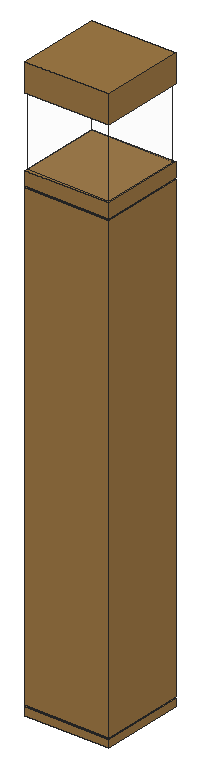
Revit family "SGB-S-LSCS", category Lighting Fixtures, host Face, Revit 2021
Family settings
  Host = Face
  Round Connector Dimension = Use Diameter
  Part Type = Normal
  OmniClass Number = 23.80.70.11.14.17
  OmniClass Title = Direct/Indirect
  Cut with Voids When Loaded = No
  Light Source = Yes
  Shared = Yes
  Room Calculation Point = No
Parameters (values of type "SGB-S-LSCS")
  Wattage = 22.3 W
  Warranty = "5 year limited"  # constant formula
  built-in parameter 1150110 = 1 (stored number, unit not read)
  Voltage Comments = "Universal Voltage 120V-277V"
  Voltage = 120 V
  Version = "2021 V 1.2"  # constant formula
  Type Comments = "Bollard Light Fixture"
  built-in parameter 1114217 = 1 (stored number, unit not read)
  Tilt Angle = 90.00°
  built-in parameter 1150109 = 1 (stored number, unit not read)
  built-in parameter 1150134 = 2
  built-in parameter 1150113 = 1 (stored number, unit not read)
  Product Page URL = "https://www.currentlighting.com/sgb-sling-round-and-square-bollards/308736"
  Product Documentation Link = "https://cdn.currentlighting.com/site/specsheet/EXO_Sling_Bollard_Spec_Sheet.pdf"
  Power Factor = 1
  Photometry Note = "Please load ies file listed under Photometric Web File for accurate rendering."  # constant formula
  Photometric Web Link = "https://www.currentlighting.com/sgb-sling-round-and-square-bollards/308736"
  Photometric Web File = "SGB-S-LSCS-22W-5K8.ies"
  Wattage Comments = "12.1 - 22.3 W"
  URL = "www.currentlighting.com"
  No of Poles = "1"
  Mounting = "Please Refer to the Product Spec Sheet for Mounting Options"  # constant formula
  Model = "Sling Bollard SGB-S-LSCS"
  Manufacturer Contact-us = "https://www.currentlighting.com/contact-us"
  Manufacturer Address = "701 Millenium Blvd,Greenville, SC"  # constant formula
  Manufacturer = "Current Lighting"  # constant formula
  built-in parameter 1150105 = 172.13 (stored number, unit not read)
  Lumens = 2163.1 lm
  built-in parameter 1150115 = 1 (stored number, unit not read)
  Load Classification = Lighting
  built-in parameter 1150137 = (empty or 0)
  built-in parameter 1150139 = (empty or 0)
  Lens Material Finish = White Glass
  built-in parameter 1150112 = 1 (stored number, unit not read)
  built-in parameter 1150114 = 1 (stored number, unit not read)
  Lamp = "LED"  # constant formula
  Installation and Service URL = "https://cdn.currentlighting.com/site/installationmanuals/Square_Bollard-installation_instruction_en_fr.pdf"
  built-in parameter 1150132 = (empty or 0)
  built-in parameter 1150102 = (empty or 0)
  built-in parameter 1150107 = 5000 (stored number, unit not read)
  built-in parameter 1150138 = (empty or 0)
  built-in parameter 1150106 = 1.7213 (stored number, unit not read)
  Housing Material = Metal - Dark Bronze
  Features = "Commercial grade LED Bollard for use in outdoor applications such a commercial building, retail, government and educational facilities \r\nCCT Selectable: 3000K, 4000K or 5000K\r\nWattage Selectable: 12W, 16W or 22W \r\n6\" Round or 6\" Square with dark bronze finish"
  Emit from Rectangle Width = 5.50"
  Emit from Rectangle Length = 5.50"
  Emit Shape Visible in Rendering = no
  built-in parameter 1150104 = 9.0116 (stored number, unit not read)
  Distribution Patterns = "None"
  Dimming Lamp Color Temperature Shift = <None>
  Description = "Sling Round and Square Bollards featuring switchable wattage (12W, 16W, 22W) and CCT (3K, 4K, 5K). Low glare acrylic lens provides uniform distribution in a rugged die-cast aluminium housing."
  Default Elevation = 48.00"
  Copyright = "© 2022 HLI Solutions, Inc."
  Color Rendering Index = "80 CRI"
  Color Filter = 16777215
  Certifications = "Listed to UL1598 for use in wet locations, FCC Title 47 Part 1, IP65"
  built-in parameter 1114218 = 1 (stored number, unit not read)
  Available Finish Options = "Available in Dark bronze finish"  # constant formula
  built-in parameter 1150133 = 10 (stored number, unit not read)
  Assembly Code = "D5020200"
  Apparent Load = 22.3 VA
  Additional Material Finish = Paint - Matte White
Reference planes (in)
  plane 1 "Center (Front/Back)": y = 13.01342
  plane 2: z = 0.0025
  plane 3 "Center (Left/Right)": x = 0
  plane 4: x = -3
  plane 5: x = 3
  plane 6: y = 10.01342
  plane 7: y = 16.01342
  plane 8: z = 42.0025
  plane 9: z = 40.0025
Forms (in)
  Extrusion 1, solid, material "Metal - Dark Bronze" <- "Housing Material"
    sketch origin (0, 0, 0) x (1, 0, 0) y (0, 1, 0)
      loop
        line (-3, 16.01342) -> (-3, 10.01342) -> (3, 10.01342) -> (3, 16.01342) -> (-3, 16.01342)
    from 0 to 35
  Extrusion 2, solid, material "Metal - Dark Bronze" <- "Housing Material"
    sketch origin (0, 0, 38) x (1, 0, 0) y (0, 1, 0)
      loop
        line (-3, 16.01342) -> (-3, 10.01342) -> (3, 10.01342) -> (3, 16.01342) -> (-3, 16.01342)
    from 2.0025 to 4.0025
  Extrusion 3, solid, material "White Glass" <- "Lens Material Finish"
    sketch origin (0, 0, 33) x (1, 0, 0) y (0, 1, 0)
      loop
        line (-2.9, 15.91342) -> (-2.9, 10.11342) -> (2.9, 10.11342) -> (2.9, 15.91342) -> (-2.9, 15.91342)
    from 2 to 7.0025
  Extrusion 4, void
    sketch origin (0, 0, 0) x (1, 0, 0) y (0, 1, 0)
      loop
        line (2.9, 15.91342) -> (-2.9, 15.91342) -> (-2.9, 10.11342) -> (2.9, 10.11342) -> (2.9, 15.91342)
      loop
        line (-3, 16.01342) -> (-3, 10.01342) -> (3, 10.01342) -> (3, 16.01342) -> (-3, 16.01342)
    from 0.55 to 0.7
  Extrusion 5, void
    sketch origin (0, 0, 33.3025) x (1, 0, 0) y (0, 1, 0)
      loop
        line (3, 16.01342) -> (-3, 16.01342) -> (-3, 10.01342) -> (3, 10.01342) -> (3, 16.01342)
      loop
        line (2.9, 15.91342) -> (-2.9, 15.91342) -> (-2.9, 10.11342) -> (2.9, 10.11342) -> (2.9, 15.91342)
    from 0.55 to 0.7
Cuts and joins
  Extrusion 4, Extrusion 5 cuts Extrusion 1
Dimensions and locks (in)
  aligned and locked: plane 2 to host face
  aligned and locked: level to host face
  aligned and locked: plane 3 "Center (Left/Right)" to imposter light
  aligned and locked: Extrusion 1 to Extrusion 3
Connectors (in)
  electrical at (0, 13.01342, 0), driven by "Apparent Load", driven by "Voltage", driven by "Load Classification"
    settings: on Extrusion 1, index 1, voltage 120 V, apparent load 22.3 VA, apparent load phase1 0 VA, apparent load phase2 0 VA, apparent load phase3 0 VA, power factor 1, load classification "Lighting", number of poles 1, system type 30, power factor state 1, is connector primary yes, connector utility no, sub classification motor no, connector description "Light Fixture"
